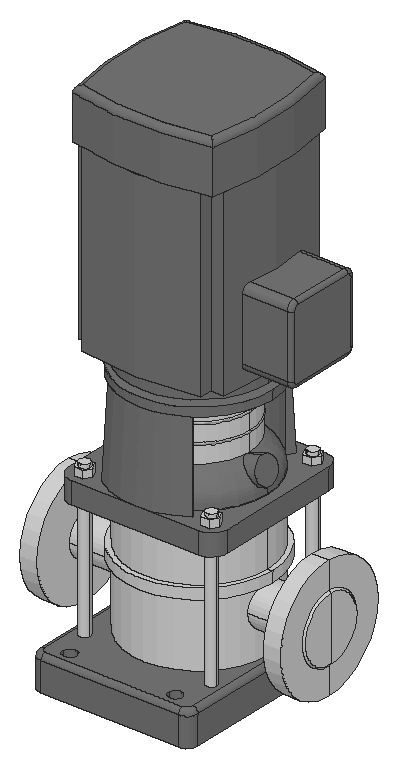
Revit family "TESK_Насос вертикальный_SVM(T)-3", category Оборудование, Revit 2019
Family settings
  Размер круглого соединителя = Использовать диаметр
  Классификация = Насос
  Тип детали = Вставляется
  На основе рабочей плоскости = Нет
  Всегда вертикально = Да
  При загрузке вырезать с полостями = Нет
  Общий = Нет
  Точка расчета площади = Нет
Parameters (values of type "Загрузите каталог типоразмеров TXT")
  Таблица_Поиска = "TESK_SVM(T)-3"  # constant formula
  Производитель_Контакты = "info@teskpump.ru"
  Напор максимальный = 0
  Материал_КорпусУлитка = TESK_Нержавеющая сталь
  Материал_КорпусДвигателя = TESK_Черный_Ребра_Условный
  Материал_2 = TESK_Нержавеющая сталь
  Материал_1 = TESK_Черный_Условный
  Длина_ВспомЛиния = 30 mm  # constant formula
  Высота_Перехода = size_lookup(Таблица_Поиска, "A5", 90 mm, ADSK_Марка)  # 90 mm
  Высота_Корпуса = size_lookup(Таблица_Поиска, "A1", 258 mm, ADSK_Марка)  # 258 mm
  Watermark [instance] = "Модели защищены уникальным кодом"
  URL = "www.teskpump.ru"
  ADSK_Свободный напор жидкости [instance] = 0.0 Pa
  ADSK_Расход жидкости [instance] = 0.0 L/s
  ADSK_Полная мощность = ADSK_Номинальная мощность * ADSK_Коэффициент мощности  # 0 kVA
  ADSK_Номинальная мощность = size_lookup(Таблица_Поиска, "Pow", 0 kW, ADSK_Марка)  # 0 kW
  ADSK_Напряжение = 400 V
  ADSK_Наименование краткое = "Вертикальный многоступенчатый центробежный насос"  # constant formula
  ADSK_Наименование = size_lookup(Таблица_Поиска, "Name", "Не найдено: Насос TESK SVM(T)-3", ADSK_Марка)  # "Не найдено: Насос TESK SVM(T)-3"
  ADSK_Масса_Текст = size_lookup(Таблица_Поиска, "mass_t", "Не найдено: Насос TESK SVM(T)-3", ADSK_Марка)  # "Не найдено: Насос TESK SVM(T)-3"
  ADSK_Масса = size_lookup(Таблица_Поиска, "mass", 0, ADSK_Марка)  # 0
  ADSK_Марка = "Загрузите каталог типоразмеров TXT"
  ADSK_Коэффициент мощности = 1
  ADSK_Количество фаз числовое = ADSK_Количество фаз  # 3
  ADSK_Количество фаз = if(ADSK_Напряжение = 230 V, 1, 3)  # 3
  ADSK_Количество = 1  # constant formula
  ADSK_Код изделия = size_lookup(Таблица_Поиска, "code", "Не найдено: Насос TESK SVM(T)-3", ADSK_Марка)  # "Не найдено: Насос TESK SVM(T)-3"
  ADSK_Классификация нагрузок = Прочее
  ADSK_Завод-изготовитель = "TESK"  # constant formula
  ADSK_Единица измерения = "шт."  # constant formula
  ADSK_Диаметр условный = 25 mm  # constant formula
  ADSK_Версия семейства = "1.0"  # constant formula
  ADSK_Версия Revit = "2019"  # constant formula
  Фланец_Толщина = 18 mm  # constant formula
  УГО_Длина = 250 mm  # constant formula
  Двигатель_Ширина = size_lookup(Таблица_Поиска, "A3", 148 mm, ADSK_Марка)  # 148 mm
  Двигатель_ОтступКоробки = size_lookup(Таблица_Поиска, "A4", 117 mm, ADSK_Марка)  # 117 mm
  Двигатель_Высота = size_lookup(Таблица_Поиска, "A2", 239 mm, ADSK_Марка)  # 239 mm
Reference planes
  plane 1 "По центру (Вперед/Назад)": y = 0
  plane 2: z = 0
  plane 3 "По центру (Влево/Вправо)": x = 0
  plane 4: x = -125
  plane 5: x = 125
  plane 6: x = -107
  plane 7: x = 107
  plane 8: z = -75
  plane 9: z = 183
  plane 10: z = -43
  plane 11: x = -65
  plane 12: z = 20
  plane 13: z = 30
  plane 14: z = 93
  plane 15: x = -40
  plane 16: z = 93
  plane 17: z = 73
  plane 18: x = -75
  plane 19: y = 75
  plane 20: x = 75
  plane 21: y = -75
  plane 22: z = 125.94
  plane 23: z = 175
  plane 24: z = 123
  plane 25: x = -46
  plane 26: x = -48
  plane 27: z = 140.333
  plane 28: z = 157.667
  plane 29: z = 158.667
  plane 30: z = 156.667
  plane 31: z = 141.333
  plane 32: z = 139.333
  plane 33: z = 170
  plane 34: x = -67
  plane 35: x = -75
  plane 36: x = -70
  plane 37: x = 67
  plane 38: x = 75
  plane 39: x = 70
  plane 40: x = -60
  plane 41: x = 60
  plane 42: y = -60
  plane 43: y = 60
  plane 44: z = 103
  plane 45: x = -75
  plane 46: x = 75
  plane 47: y = 105
  plane 48: y = -105
  plane 49: z = -48
  plane 50: x = -70
  plane 51: x = -75
  plane 52: x = -50
  plane 53: x = 50
  plane 54: y = -90
  plane 55: y = 90
  plane 56: z = 20
  plane 57: z = 30
  plane 58: x = -65
  plane 59: x = -70
  plane 60: x = -60
  plane 61: x = 60
  plane 62: y = 60
  plane 63: y = -60
  plane 64: z = 30
  plane 65: z = 105
  plane 66: x = 35
Forms (mm)
  Extrusion 1, solid, material "TESK_Нержавеющая сталь" <- "Материал_КорпусУлитка", detail levels fine
    sketch origin (0, 0, 0) x (0, 1, 0) y (0, 0, 1)
      loop
        circle (0, 0) r 20
    from -107 to 107
  Revolve 2, solid, material "TESK_Черный_Условный" <- "Материал_1", detail levels fine
    sketch origin (0, 0, 0) x (1, 0, 0) y (0, 0, 1)
      loop
        line (0, 175) -> (-40, 175) -> (-40, 125.94)
        spline (-40, 125.94) -> (-41.244, 122.444) -> (-44.01, 120.899) -> (-47.266, 119.354) -> (-50.371, 117.694) -> (-53.074, 115.884) -> (-55.632, 113.744) -> (-58.115, 111.259) -> (-60.275, 108.663) -> (-62.008, 106.179) -> (-63.365, 103.735) -> (-64.459, 99.975) -> (-65, 93)
        line (-65, 93) -> (-65, 73) -> (0, 73) -> (0, 175)
      axis (0, 73) -> (0, 175)
    angle from 0 to 360
  Extrusion 3, solid, material "TESK_Черный_Условный" <- "Материал_1", detail levels fine
    sketch origin (0, 0, 0) x (1, 0, 0) y (0, 1, 0)
      loop
        line (-75, 60) -> (-75, -60)
        arc (-75, -60) -> (-70.607, -70.607) -> (-60, -75) r 15
        line (-60, -75) -> (60, -75)
        arc (60, -75) -> (70.607, -70.607) -> (75, -60) r 15
        line (75, -60) -> (75, 60)
        arc (75, 60) -> (70.607, 70.607) -> (60, 75) r 15
        line (60, 75) -> (-60, 75)
        arc (-60, 75) -> (-70.607, 70.607) -> (-75, 60) r 15
    from 73 to 93
  Revolve 4, solid, material "TESK_Нержавеющая сталь" <- "Материал_2", detail levels fine
    sketch origin (0, 0, 0) x (1, 0, 0) y (0, 0, 1)
      loop
        line (-48, 170) -> (-48, 158.667)
        arc (-48, 158.667) -> (-49, 157.667) -> (-48, 156.667) r 1
        line (-48, 156.667) -> (-48, 141.333)
        arc (-48, 141.333) -> (-49, 140.333) -> (-48, 139.333) r 1
        line (-48, 139.333) -> (-48, 123) -> (-46, 123) -> (-46, 170) -> (-48, 170)
      axis (0, 123) -> (0, 170)
    angle from 0 to 360
  Extrusion 5, solid, material "TESK_Черный_Условный" <- "Материал_1", detail levels fine
    sketch origin (0, 0, 0) x (1, 0, 0) y (0, 1, 0)
      loop
        circle (0, 0) r 70
    from 175 to 183
  Revolve 6, solid, material "TESK_Черный_Условный" <- "Материал_1", detail levels fine
    sketch origin (0, 0, 0) x (1, 0, 0) y (0, 0, 1)
      loop
        line (-70, 175) -> (-75, 93) -> (-67, 93) -> (-67, 175) -> (-70, 175)
      axis (0, 93) -> (0, 175)
    angle from 125 to 55
  Revolve 7, solid, material "TESK_Черный_Условный" <- "Материал_1", detail levels fine
    sketch origin (0, 0, 0) x (-1, 0, 0) y (0, 0, 1)
      loop
        line (-70, 175) -> (-75, 93) -> (-67, 93) -> (-67, 175) -> (-70, 175)
      axis (0, 93) -> (0, 175)
    angle from -125 to -55
  Extrusion 8, solid, material "TESK_Нержавеющая сталь" <- "Материал_2", detail levels fine
    sketch origin (0, 0, 0) x (1, 0, 0) y (0, 1, 0)
      loop
        circle (-60, 60) r 5
      loop
        circle (60, 60) r 5
      loop
        circle (-60, -60) r 5
      loop
        circle (60, -60) r 5
    from -43 to 103
  Extrusion 9, solid, material "TESK_Черный_Условный" <- "Материал_1", detail levels fine
    sketch origin (0, 0, 0) x (1, 0, 0) y (0, 1, 0)
      loop
        arc (-65, 105) -> (-72.071, 102.071) -> (-75, 95) r 10
        line (-75, 95) -> (-75, -95)
        arc (-75, -95) -> (-72.071, -102.071) -> (-65, -105) r 10
        line (-65, -105) -> (65, -105)
        arc (65, -105) -> (72.071, -102.071) -> (75, -95) r 10
        line (75, -95) -> (75, 95)
        arc (75, 95) -> (72.071, 102.071) -> (65, 105) r 10
        line (65, 105) -> (-65, 105)
    from -75 to -43
  Sweep 10, void
    path in 3D
      loop
        arc (-75, -95, -43) -> (-72.071, -102.071, -43) -> (-65, -105, -43) r 10
        line (-65, -105, -43) -> (65, -105, -43)
        arc (65, -105, -43) -> (72.071, -102.071, -43) -> (75, -95, -43) r 10
        line (75, -95, -43) -> (75, 95, -43)
        arc (75, 95, -43) -> (72.071, 102.071, -43) -> (65, 105, -43) r 10
        line (65, 105, -43) -> (-65, 105, -43)
        arc (-65, 105, -43) -> (-72.071, 102.071, -43) -> (-75, 95, -43) r 10
        line (-75, 95, -43) -> (-75, -95, -43)
    profile origin (-75, 0, -43) x (1, 0, 0) y (0, 0, 1)
      loop
        arc (0, -5) -> (1.464, -1.464) -> (5, 0) r 5
        line (5, 0) -> (0, 0) -> (0, -5)
  Extrusion 11, void
    sketch origin (0, 0, 0) x (1, 0, 0) y (0, 1, 0)
      loop
        circle (-50, 90) r 6.5
      loop
        circle (50, 90) r 6.5
      loop
        circle (-50, -90) r 6.5
      loop
        circle (50, -90) r 6.5
    from -75 to -43
  Revolve 12, solid, material "TESK_Нержавеющая сталь" <- "Материал_КорпусУлитка", detail levels fine
    sketch origin (0, 0, 0) x (1, 0, 0) y (0, 0, 1)
      loop
        line (-65, -43) -> (0, -43) -> (0, 30) -> (-70, 30) -> (-70, 20) -> (-65, 20) -> (-65, -43)
      axis (0, -43) -> (0, 30)
    angle from 0 to 360
  Extrusion 13, solid, material "TESK_Нержавеющая сталь" <- "Материал_2", detail levels fine
    sketch origin (0, 0, 0) x (1, 0, 0) y (0, 1, 0)
      loop
        circle (0, 0) r 65
    from 30 to 73
  Sweep 14, solid, material "TESK_Черный_Условный" <- "Материал_1", detail levels fine
    path in 3D
      loop
        line (35, 0, 105) -> (63.978, 0, 112.765)
    profile origin (49.489, 0, 108.882) x (-0.258819, 0, 0.965926) y (0, -1, 0)
      loop
        circle (0, 0) r 12.65
Cuts and joins
  Sweep 10, Extrusion 11 cuts Extrusion 9
Lines and regions (mm)
  sketch lines
    curve 1: line (-75, 95, -43) -> (-75, -95, -43)
    curve 2: arc (-65, -105, -43) -> (-72.071, -102.071, -43) -> (-75, -95, -43) r 10
    curve 3: line (-65, -105, -43) -> (65, -105, -43)
    curve 4: arc (75, -95, -43) -> (72.071, -102.071, -43) -> (65, -105, -43) r 10
    curve 5: line (75, -95, -43) -> (75, 95, -43)
    curve 6: arc (65, 105, -43) -> (72.071, 102.071, -43) -> (75, 95, -43) r 10
    curve 7: line (65, 105, -43) -> (-65, 105, -43)
    curve 8: arc (-75, 95, -43) -> (-72.071, 102.071, -43) -> (-65, 105, -43) r 10
    curve 10: line (35, 0, 105) -> (63.978, 0, 112.765)
  reference lines
    curve 9: line (35, 0, 105) -> (63.978, 0, 112.765)
Dimensions and locks
  locked: plane 3 "По центру (Влево/Вправо)" to plane 4 at 125
  locked: plane 5 to plane 3 "По центру (Влево/Вправо)" at 125
  "Фланец_Толщина": plane 6 to plane 4
  "Фланец_Толщина": plane 5 to plane 7
  locked: plane 2 to plane 8 at 75
  "Высота_Корпуса": plane 9 to plane 8
  locked: plane 10 to plane 8 at 32
  locked: plane 3 "По центру (Влево/Вправо)" to plane 11 at 65
  locked: plane 12 to level at 20
  locked: plane 13 to plane 12 at 10
  "Высота_Перехода": plane 9 to plane 14
  locked: plane 3 "По центру (Влево/Вправо)" to plane 15 at 40
  "Высота_Перехода": plane 9 to plane 16
  locked: plane 16 to plane 17 at 20
  equal spacing: plane 18, plane 3 "По центру (Влево/Вправо)", plane 20
  equal spacing: plane 19, plane 1 "По центру (Вперед/Назад)", plane 21
  locked: plane 21 to plane 1 "По центру (Вперед/Назад)" at 75
  locked: plane 18 to plane 3 "По центру (Влево/Вправо)" at 75
  locked: plane 22 to plane 14 at 32.94
  locked: plane 24 to plane 16 at 30
  locked: plane 9 to plane 23 at 8
  locked: plane 3 "По центру (Влево/Вправо)" to plane 25 at 46
  locked: plane 3 "По центру (Влево/Вправо)" to plane 26 at 48
  equal spacing: plane 23, plane 28, plane 27, plane 24
  plane 29 to plane 28 to plane 30 = 1 mm locked, 1 mm locked
  plane 31 to plane 27 to plane 32 = 1 mm locked, 1 mm locked
  locked: plane 23 to plane 33 at 5
  locked: plane 3 "По центру (Влево/Вправо)" to plane 34 at 67
  locked: plane 35 to plane 3 "По центру (Влево/Вправо)" at 75
  locked: plane 3 "По центру (Влево/Вправо)" to plane 36 at 70
  locked: plane 37 to plane 3 "По центру (Влево/Вправо)" at 67
  locked: plane 39 to plane 3 "По центру (Влево/Вправо)" at 70
  locked: plane 38 to plane 3 "По центру (Влево/Вправо)" at 75
  equal spacing: plane 40, plane 3 "По центру (Влево/Вправо)", plane 41
  locked: plane 40 to plane 3 "По центру (Влево/Вправо)" at 60
  equal spacing: plane 43, plane 1 "По центру (Вперед/Назад)", plane 42
  locked: plane 43 to plane 1 "По центру (Вперед/Назад)" at 60
  locked: plane 44 to plane 16 at 10
  equal spacing: plane 45, plane 3 "По центру (Влево/Вправо)", plane 46
  locked: plane 45 to plane 3 "По центру (Влево/Вправо)" at 75
  equal spacing: plane 47, plane 1 "По центру (Вперед/Назад)", plane 48
  plane 47 to plane 1 "По центру (Вперед/Назад)" = 105 mm
  locked: plane 51 to plane 3 "По центру (Влево/Вправо)" at 75
  locked: plane 51 to plane 50 at 5
  locked: plane 10 to plane 49 at 5
  equal spacing: plane 52, plane 3 "По центру (Влево/Вправо)", plane 53
  locked: plane 52 to plane 3 "По центру (Влево/Вправо)" at 50
  equal spacing: plane 55, plane 1 "По центру (Вперед/Назад)", plane 54
  locked: plane 55 to plane 1 "По центру (Вперед/Назад)" at 90
  locked: plane 3 "По центру (Влево/Вправо)" to plane 58 at 65
  locked: plane 58 to plane 59 at 5
  locked: plane 56 to plane 2 at 20
  locked: plane 57 to plane 56 at 10
  equal spacing: plane 62, plane 1 "По центру (Вперед/Назад)", plane 63
  locked: plane 62 to plane 1 "По центру (Вперед/Назад)" at 60
  equal spacing: plane 60, plane 3 "По центру (Влево/Вправо)", plane 61
  locked: plane 3 "По центру (Влево/Вправо)" to plane 61 at 60
  locked: plane 64 to plane 2 at 30
  locked: plane 65 to plane 16 at 12
  locked: plane 66 to plane 3 "По центру (Влево/Вправо)" at 35
  "Длина_ВспомЛиния": curve 9 to curve 9
  diameter of Extrusion 1 sketch curve = 40 mm
  radius of Extrusion 3 sketch curve = 15 mm  (x4)
  radius of Revolve 4 sketch curve = 1 mm  (x2)
  diameter of Extrusion 5 sketch curve = 140 mm
  diameter of Extrusion 8 sketch curve = 10 mm  (x4)
  radius of Extrusion 9 sketch curve = 10 mm  (x4)
  radius of Sweep 10 sketch curve = 5 mm
  diameter of Extrusion 11 sketch curve = 13 mm  (x4)
  diameter of Extrusion 13 sketch curve = 130 mm
  diameter of Sweep 14 sketch curve = 25.3 mm
  locked: plane 65 to curve 9 (angle 15.00°)
  aligned and locked: level to plane 2
  aligned and locked: plane 1 "По центру (Вперед/Назад)" to nested 1
  aligned and locked: nested 2 to plane 1 "По центру (Вперед/Назад)"
  aligned and locked: plane 4 to nested 1
  aligned and locked: nested 2 to plane 5
  aligned and locked: Extrusion 1 to plane 6
  aligned and locked: plane 7 to Extrusion 1
  aligned and locked: plane 9 to nested 3
  aligned and locked: plane 3 "По центру (Влево/Вправо)" to Revolve 2 sketch curve
  aligned and locked: Revolve 2 sketch curve to plane 3 "По центру (Влево/Вправо)"
  aligned and locked: Revolve 2 sketch curve to plane 11
  aligned and locked: plane 14 to Revolve 2 sketch curve
  aligned and locked: Revolve 2 sketch curve to plane 15
  aligned and locked: Extrusion 3 sketch curve to plane 18
  aligned and locked: Extrusion 3 sketch curve to plane 19
  aligned and locked: Extrusion 3 sketch curve to plane 20
  aligned and locked: Extrusion 3 sketch curve to plane 21
  aligned and locked: plane 16 to Extrusion 3
  aligned and locked: Extrusion 3 to plane 17
  aligned and locked: plane 22 to Revolve 2 sketch curve
  aligned and locked: plane 3 "По центру (Влево/Вправо)" to Revolve 4 sketch curve
  aligned and locked: Revolve 4 sketch curve to plane 26  (x3)
  aligned and locked: Revolve 4 sketch curve to plane 24
  aligned and locked: Revolve 4 sketch curve to plane 25
  aligned and locked: Revolve 4 sketch curve to plane 33
  aligned and locked: Extrusion 5 to plane 23
  aligned and locked: plane 9 to Extrusion 5
  aligned and locked: plane 3 "По центру (Влево/Вправо)" to Revolve 6 sketch curve
  aligned and locked: Revolve 6 sketch curve to plane 34
  aligned and locked: plane 16 to Revolve 6 sketch curve
  aligned and locked: Revolve 6 sketch curve to plane 23
  aligned and locked: plane 35 to Revolve 6 sketch curve
  aligned and locked: plane 37 to Revolve 7 sketch curve
  aligned and locked: Revolve 7 sketch curve to plane 16
  aligned and locked: plane 23 to Revolve 7 sketch curve
  aligned and locked: plane 43 to Extrusion 8 sketch curve  (x2)
  aligned and locked: plane 40 to Extrusion 8 sketch curve  (x2)
  aligned and locked: plane 41 to Extrusion 8 sketch curve  (x2)
  aligned and locked: plane 42 to Extrusion 8 sketch curve  (x2)
  aligned and locked: Extrusion 8 to plane 10
  aligned and locked: plane 44 to Extrusion 8
  aligned and locked: Extrusion 9 sketch curve to plane 47
  aligned and locked: Extrusion 9 sketch curve to plane 45
  aligned and locked: Extrusion 9 sketch curve to plane 46
  aligned and locked: Extrusion 9 sketch curve to plane 48
  aligned and locked: plane 8 to Extrusion 9
  aligned and locked: plane 10 to Extrusion 9
  aligned and locked: Sweep 10 sketch curve to plane 51
  aligned and locked: profile plane to Sweep 10 sketch curve
  aligned and locked: Revolve 2 sketch curve to plane 23
  aligned and locked: nested 4 to plane 1 "По центру (Вперед/Назад)"
  aligned and locked: nested 4 to plane 3 "По центру (Влево/Вправо)"
  aligned and locked: nested 5 to plane 3 "По центру (Влево/Вправо)"
  aligned and locked: nested 5 to plane 1 "По центру (Вперед/Назад)"
  aligned and locked: plane 2 to nested 5
  aligned and locked: plane 52 to Extrusion 11 sketch curve  (x2)
  aligned and locked: plane 54 to Extrusion 11 sketch curve
  aligned and locked: plane 53 to Extrusion 11 sketch curve  (x2)
  aligned and locked: plane 55 to Extrusion 11 sketch curve  (x2)
  aligned and locked: plane 10 to Extrusion 11
  aligned and locked: Extrusion 11 to plane 8
  aligned and locked: plane 3 "По центру (Влево/Вправо)" to Revolve 12 sketch curve
  aligned and locked: Revolve 12 sketch curve to plane 10
  aligned and locked: Revolve 12 sketch curve to plane 58
  aligned and locked: Revolve 12 sketch curve to plane 56
  aligned and locked: Revolve 12 sketch curve to plane 59
  aligned and locked: Revolve 12 sketch curve to plane 57
  aligned and locked: Revolve 12 sketch curve to plane 3 "По центру (Влево/Вправо)"
  aligned and locked: plane 3 "По центру (Влево/Вправо)" to nested 3
  aligned and locked: plane 1 "По центру (Вперед/Назад)" to nested 3
  aligned and locked: nested 6 to plane 62
  aligned and locked: plane 61 to nested 6
  aligned and locked: plane 62 to nested 7
  aligned and locked: plane 60 to nested 7
  aligned and locked: plane 63 to nested 9
  aligned and locked: nested 9 to plane 60
  aligned and locked: nested 8 to plane 63
  aligned and locked: nested 8 to plane 61
  aligned and locked: plane 16 to nested 8
  aligned and locked: nested 6 to plane 16
  aligned and locked: nested 9 to plane 16
  aligned and locked: plane 16 to nested 7
  aligned and locked: Revolve 2 sketch curve to plane 17
  aligned and locked: plane 1 "По центру (Вперед/Назад)" to Extrusion 13 sketch curve
  aligned and locked: plane 3 "По центру (Влево/Вправо)" to Extrusion 13 sketch curve
  aligned and locked: plane 17 to Extrusion 13
  aligned and locked: Extrusion 13 to plane 64
  aligned and locked: plane 36 to Revolve 6 sketch curve
  aligned and locked: plane 38 to Revolve 7 sketch curve
  aligned and locked: plane 65 to curve 9
  aligned and locked: plane 66 to curve 9
Automatic sketch dimensions
  Extrusion 1 sketch curve to level = 0 mm
  Extrusion 1 sketch curve to plane 1 "По центру (Вперед/Назад)" = 0 mm
  Revolve 4 sketch curve to plane 32 = 0 mm
  Revolve 4 sketch curve to plane 30 = 0 mm
  Revolve 4 sketch curve to plane 24 = 10 mm
  Revolve 4 sketch curve to Revolve 4 sketch curve = 10 mm
  plane 1 "По центру (Вперед/Назад)" to Extrusion 5 sketch curve = 0 mm
  Extrusion 5 sketch curve to plane 3 "По центру (Влево/Вправо)" = 0 mm
  Sweep 10 sketch curve to plane 49 = 0 mm  (x2)
  Sweep 10 sketch curve to Sweep 10 sketch curve = 0 mm
  Sweep 10 sketch curve to plane 50 = 0 mm
  Extrusion 11 sketch curve to plane 54 = 0 mm
  Revolve 12 sketch curve to plane 17 = 30 mm
  Revolve 12 sketch curve to plane 17 = 10 mm
  Revolve 6 sketch curve to plane 44 = 0 mm
  Revolve 6 sketch curve to plane 24 = 7.057 mm
  plane 39 to Revolve 7 sketch curve = 0 mm
  Revolve 7 sketch curve to plane 3 "По центру (Влево/Вправо)" = 0 mm
  Revolve 7 sketch curve to plane 44 = 0 mm
  plane 24 to Revolve 7 sketch curve = 7.057 mm
  Sweep 14 sketch curve to profile plane = 0 mm
  profile plane to Sweep 14 sketch curve = 0 mm
  Revolve 2 sketch curve to Revolve 2 sketch curve = 8 mm
  plane 17 to Revolve 2 sketch curve = 2 mm
Nested families
  nested 1: "Фланец_Круглый" at (-107, 0, 0), Толщина_Фланца <- "Фланец_Толщина", ADSK_Материал <- "Материал_КорпусУлитка", type "Фланец_Круглый", detail levels fine
    with Толщина_Фланца 18 mm, Толщина_Зеркала 2 mm, Dнар_Фланца 115 mm, D_Зеркала 60 mm, ADSK_Материал TESK_Нержавеющая сталь
  nested 2: "Фланец_Круглый" at (107, 0, 0) x (-1, 0, 0) z (0, 0, 1), Толщина_Фланца <- "Фланец_Толщина", ADSK_Материал <- "Материал_КорпусУлитка", type "Фланец_Круглый", detail levels fine
    with Толщина_Фланца 18 mm, Толщина_Зеркала 2 mm, Dнар_Фланца 115 mm, D_Зеркала 60 mm, ADSK_Материал TESK_Нержавеющая сталь
  nested 3: "Электродвигатель" at (0, 0, 183), Высота_Двигателя <- "Двигатель_Высота", Отступ_Коробка <- "Двигатель_ОтступКоробки", Ширина_Двигателя <- "Двигатель_Ширина", ADSK_Материал <- "Материал_1", Материал_Корпуса <- "Материал_КорпусДвигателя", type "Электродвигатель", detail levels fine
    with Ширина_Коробки 74 mm, Ширина_Двигателя 148 mm, Отступ_Коробка 117 mm, Материал_Корпуса TESK_Черный_Ребра_Условный, Высота_Двигателя 239 mm, r_Крышка 5.92 mm, r_Коробка 7.4 mm, r2_Коробка 3.7 mm, r2 66.6 mm, r1 54.76 mm, h4 11.95 mm, h3 47.8 mm, h2 14.34 mm, h1 4.78 mm, a 17.76 mm, R 281.2 mm, ADSK_Материал TESK_Черный_Условный
  nested 4: "Вл_УГО_Насос_2D" at (0, 0, 0) x (-1, 0, 0) z (0, 0, 1), L_УГО <- "УГО_Длина", type "Вл_УГО_Насос_2D", detail levels coarse+medium
    with L_УГО 250 mm
  nested 5: "Вл_УГО_Насос_3D" at (0, 0, 0) x (-1, 0, 0) z (0, -1, 0), L_УГО <- "УГО_Длина", type "Вл_УГО_Насос_3D", detail levels coarse+medium
    with L_УГО 250 mm
  nested 6: "Гайка_Условная" at (60, 60, 93), Материал1 <- "Материал_2", type "Гайка_Условная", detail levels fine
    with Толщина_Гайка 7 mm, Материал1 TESK_Нержавеющая сталь, S_Гайка 14 mm, D_Вн 10 mm
  nested 7: "Гайка_Условная" at (-60, 60, 93) x (-1, 0, 0) z (0, 0, 1), Материал1 <- "Материал_2", type "Гайка_Условная", detail levels fine
    with Толщина_Гайка 7 mm, Материал1 TESK_Нержавеющая сталь, S_Гайка 14 mm, D_Вн 10 mm
  nested 8: "Гайка_Условная" at (60, -60, 93), Материал1 <- "Материал_2", type "Гайка_Условная", detail levels fine
    with Толщина_Гайка 7 mm, Материал1 TESK_Нержавеющая сталь, S_Гайка 14 mm, D_Вн 10 mm
  nested 9: "Гайка_Условная" at (-60, -60, 93) x (-1, 0, 0) z (0, 0, 1), Материал1 <- "Материал_2", type "Гайка_Условная", detail levels fine
    with Толщина_Гайка 7 mm, Материал1 TESK_Нержавеющая сталь, S_Гайка 14 mm, D_Вн 10 mm
Connectors
  electrical at (0, 0, 374.2), driven by "ADSK_Количество фаз", driven by "ADSK_Классификация нагрузок", driven by "ADSK_Напряжение", driven by "ADSK_Полная мощность", driven by "ADSK_Коэффициент мощности"
    settings: on nested 3, index 1, voltage 400 V, apparent load 0 kVA, apparent load phase1 0 kVA, apparent load phase2 0 kVA, apparent load phase3 0 kVA, power factor 1, load classification "Прочее", number of poles 3, system type 30, power factor state 1, is connector primary yes, connector utility no, sub classification motor no, connector description ""
  piping at (125, 0, 0), diameter 25, driven by "ADSK_Расход жидкости", driven by "ADSK_Диаметр условный"
    settings: on nested 2, index 2, connector inside diameter 609.6 mm, connector length 0 mm, flow factor 0, pipe flow 0.0 L/s, pressure drop 0.0 Pa, fitting loss kfactor 0, connector angle 0.00°, fixture units 0, engagement length 0 mm, angle of deflection 0.00°, flow configuration 0, flow direction 2, fitting loss method 0, system type 29, joint type 0, gender type 0, connector reference index 3, connector utility 0, adjustable connector no, is connector primary yes, connector description ""
  piping at (-125, 0, 0), diameter 25, driven by "ADSK_Расход жидкости", driven by "ADSK_Диаметр условный"
    settings: on nested 1, index 3, connector inside diameter 609.6 mm, connector length 0 mm, flow factor 0, pipe flow 0.0 L/s, pressure drop 0.0 Pa, fitting loss kfactor 0, connector angle 0.00°, fixture units 0, engagement length 0 mm, angle of deflection 0.00°, flow configuration 0, flow direction 1, fitting loss method 0, system type 29, joint type 0, gender type 0, connector reference index 2, connector utility 0, adjustable connector no, is connector primary no, connector description ""
Definition of nested family "Фланец_Круглый"
  Parameters (values of type "Фланец_Круглый")
    Толщина_Фланца [instance] = 30 mm
    Толщина_Зеркала [instance] = 2 mm
    Dнар_Фланца [instance] = 200 mm
    D_Зеркала [instance] = 90 mm
    ADSK_Материал [instance] = none
  Reference planes
    plane 1 "По центру (Вперед/Назад)": y = 0
    plane 2: z = 0
    plane 3 "По центру (Влево/Вправо)": x = 0
    plane 4: z = 100
    plane 5: z = -100
    plane 6: x = -30
    plane 7: x = -28
    plane 8: z = 45
    plane 9: z = -45
  Forms (mm)
    Revolve 1, solid, material <- "ADSK_Материал"
      sketch origin (0, 0, 0) x (1, 0, 0) y (0, 0, 1)
        loop
          line (0, 100) -> (-28, 100) -> (-28, 0) -> (0, 0) -> (0, 100)
        axis (-28, 0) -> (0, 0)
      angle from 0 to 360
    Revolve 2, solid, material <- "ADSK_Материал"
      sketch origin (0, 0, 0) x (1, 0, 0) y (0, 0, 1)
        loop
          line (-28, 47) -> (-30, 45) -> (-30, 0) -> (-28, 0) -> (-28, 47)
        axis (-30, 0) -> (-28, 0)
      angle from 0 to 360
  Cuts and joins
    joined: Revolve 1, Revolve 2
  Dimensions and locks
    equal spacing: plane 4, plane 2, plane 5
    "Dнар_Фланца": plane 4 to plane 5
    "Толщина_Фланца": plane 3 "По центру (Влево/Вправо)" to plane 6
    "Толщина_Зеркала": plane 7 to plane 6
    equal spacing: plane 8, plane 2, plane 9
    "D_Зеркала": plane 8 to plane 9
    locked: Revolve 2 sketch curve to plane 6 (angle 45.00°)
    aligned and locked: level to plane 2
    aligned and locked: Revolve 1 sketch curve to plane 2  (x2)
    aligned and locked: Revolve 1 sketch curve to plane 3 "По центру (Влево/Вправо)"
    aligned and locked: Revolve 1 sketch curve to plane 7
    aligned and locked: Revolve 1 sketch curve to plane 4
    aligned and locked: Revolve 2 sketch curve to plane 2  (x2)
    aligned and locked: Revolve 2 sketch curve to plane 7
    aligned and locked: Revolve 2 sketch curve to plane 6
    aligned and locked: plane 8 to Revolve 2 sketch curve
  Automatic sketch dimensions
    plane 7 to Revolve 1 sketch curve = 5 mm
    Revolve 1 sketch curve to plane 3 "По центру (Влево/Вправо)" = 2 mm
    plane 7 to Revolve 2 sketch curve = 12.352 mm
    Revolve 2 sketch curve to plane 3 "По центру (Влево/Вправо)" = 5.648 mm
Definition of nested family "Электродвигатель"
  Parameters (values of type "Электродвигатель")
    Ширина_Коробки [instance] = Ширина_Двигателя * 0.5  # 74 mm
    Ширина_Двигателя [instance] = 148 mm
    Отступ_Коробка [instance] = 117 mm
    Материал_Корпуса [instance] = none
    Высота_Двигателя [instance] = 239 mm
    r_Крышка [instance] = Ширина_Двигателя * 0.04  # 5.92 mm
    r_Коробка [instance] = Ширина_Коробки * 0.1  # 7.4 mm
    r2_Коробка [instance] = Ширина_Коробки * 0.05  # 3.7 mm
    r2 [instance] = Ширина_Двигателя * 0.45  # 66.6 mm
    r1 [instance] = Ширина_Двигателя * 0.37  # 54.76 mm
    h4 [instance] = Высота_Двигателя * 0.05  # 11.95 mm
    h3 [instance] = Высота_Двигателя * 0.2  # 47.8 mm
    h2 [instance] = Высота_Двигателя * 0.06  # 14.34 mm
    h1 [instance] = Высота_Двигателя * 0.02  # 4.78 mm
    a [instance] = Ширина_Двигателя * 0.12  # 17.76 mm
    R [instance] = Ширина_Двигателя * 1.9  # 281.2 mm
    ADSK_Материал [instance] = none
  Reference planes
    plane 1 "По центру (Вперед/Назад)": y = 0
    plane 2: z = 0
    plane 3 "По центру (Влево/Вправо)": x = 0
    plane 4: z = 239
    plane 5: x = -74
    plane 6: x = 74
    plane 7: x = 117
    plane 8: y = 74
    plane 9: y = -74
    plane 10: z = 4.78
    plane 11: z = 19.12
    plane 12: z = 191.2
    plane 13: x = -56.24
    plane 14: y = -56.24
    plane 15: y = 56.24
    plane 16: x = -56.24
    plane 17: x = 56.24
    plane 18: y = 56.24
    plane 19: x = 56.24
    plane 20: y = -56.24
    plane 21: x = -66.6
    plane 22: x = -54.76
    plane 23: x = 207.2
    plane 24: x = -207.2
    plane 25: y = -207.2
    plane 26: y = 207.2
    plane 27: x = 207.2
    plane 28: y = -207.2
    plane 29: x = -207.2
    plane 30: y = 207.2
    plane 31: y = 68.08
    plane 32: z = 233.08
    plane 33: z = 31.07
    plane 34: z = 105.07
    plane 35: y = -37
    plane 36: y = 37
    plane 37: x = 113.3
    plane 38: z = 101.37
  Forms (mm)
    Extrusion 1, solid, material <- "Материал_Корпуса"
      sketch origin (0, 0, 0) x (1, 0, 0) y (0, 1, 0)
        loop
          arc (-68.319, 56.24) -> (-74, 0) -> (-68.319, -56.24) r 281.2
          line (-68.319, -56.24) -> (-56.24, -56.24) -> (-56.24, -68.319)
          arc (-56.24, -68.319) -> (0, -74) -> (56.24, -68.319) r 281.2
          line (56.24, -68.319) -> (56.24, -56.24) -> (68.319, -56.24)
          arc (68.319, -56.24) -> (74, 0) -> (68.319, 56.24) r 281.2
          line (68.319, 56.24) -> (56.24, 56.24) -> (56.24, 68.319)
          arc (56.24, 68.319) -> (0, 74) -> (-56.24, 68.319) r 281.2
          line (-56.24, 68.319) -> (-56.24, 56.24) -> (-68.319, 56.24)
      from 19.12 to 191.2
    Revolve 2, solid, material <- "ADSK_Материал"
      sketch origin (0, 0, 0) x (1, 0, 0) y (0, 0, 1)
        loop
          line (-66.6, 19.12) -> (-66.6, 4.78) -> (-54.76, 4.78) -> (-54.76, 0) -> (0, 0) -> (0, 19.12) -> (-66.6, 19.12)
        axis (0, 0) -> (0, 19.12)
      angle from 0 to 360
    Extrusion 3, solid, material <- "ADSK_Материал"
      sketch origin (0, 0, 0) x (1, 0, 0) y (0, 1, 0)
        loop
          arc (-66.117, 66.117) -> (-74, 0) -> (-66.117, -66.117) r 281.2
          arc (-66.117, -66.117) -> (0, -74) -> (66.117, -66.117) r 281.2
          arc (66.117, -66.117) -> (74, 0) -> (66.117, 66.117) r 281.2
          arc (66.117, 66.117) -> (0, 74) -> (-66.117, 66.117) r 281.2
      from 191.2 to 239
    Sweep 4, void
      path in 3D
        loop
          arc (66.117, 66.117, 239) -> (74, 0, 239) -> (66.117, -66.117, 239) r 281.2
          arc (66.117, -66.117, 239) -> (0, -74, 239) -> (-66.117, -66.117, 239) r 281.2
          arc (-66.117, -66.117, 239) -> (-74, 0, 239) -> (-66.117, 66.117, 239) r 281.2
          arc (-66.117, 66.117, 239) -> (0, 74, 239) -> (66.117, 66.117, 239) r 281.2
      profile origin (0, 74, 239) x (0, 1, 0) y (0, 0, 1)
        loop
          line (0, 0) -> (-5.92, 0)
          arc (-5.92, 0) -> (-1.734, -1.734) -> (0, -5.92) r 5.92
          line (0, -5.92) -> (0, 0)
    Extrusion 5, solid, material <- "ADSK_Материал"
      sketch origin (0, 0, 0) x (0, 1, 0) y (0, 0, 1)
        loop
          line (-29.6, 31.07) -> (29.6, 31.07)
          arc (29.6, 31.07) -> (34.833, 33.237) -> (37, 38.47) r 7.4
          line (37, 38.47) -> (37, 97.67)
          arc (37, 97.67) -> (34.833, 102.903) -> (29.6, 105.07) r 7.4
          line (29.6, 105.07) -> (-29.6, 105.07)
          arc (-29.6, 105.07) -> (-34.833, 102.903) -> (-37, 97.67) r 7.4
          line (-37, 97.67) -> (-37, 38.47)
          arc (-37, 38.47) -> (-34.833, 33.237) -> (-29.6, 31.07) r 7.4
      from 0 to 117
    Sweep 6, void
      path in 3D
        loop
          arc (117, -29.6, 105.07) -> (117, -34.833, 102.903) -> (117, -37, 97.67) r 7.4
          line (117, -37, 97.67) -> (117, -37, 38.47)
          arc (117, -37, 38.47) -> (117, -34.833, 33.237) -> (117, -29.6, 31.07) r 7.4
          line (117, -29.6, 31.07) -> (117, 29.6, 31.07)
          arc (117, 29.6, 31.07) -> (117, 34.833, 33.237) -> (117, 37, 38.47) r 7.4
          line (117, 37, 38.47) -> (117, 37, 97.67)
          arc (117, 37, 97.67) -> (117, 34.833, 102.903) -> (117, 29.6, 105.07) r 7.4
          line (117, 29.6, 105.07) -> (117, -29.6, 105.07)
      profile origin (117, 0, 105.07) x (1, 0, 0) y (0, 0, 1)
        loop
          arc (-3.7, 0) -> (-1.084, -1.084) -> (0, -3.7) r 3.7
          line (0, -3.7) -> (0, 0) -> (-3.7, 0)
  Cuts and joins
    Sweep 4 cuts Extrusion 3
    Sweep 6 cuts Extrusion 5
  Lines and regions (mm)
    sketch lines
      curve 1: arc (-66.117, 66.117, 239) -> (0, 74, 239) -> (66.117, 66.117, 239) r 281.2
      curve 2: arc (66.117, 66.117, 239) -> (74, 0, 239) -> (66.117, -66.117, 239) r 281.2
      curve 3: arc (66.117, -66.117, 239) -> (0, -74, 239) -> (-66.117, -66.117, 239) r 281.2
      curve 4: arc (-66.117, -66.117, 239) -> (-74, 0, 239) -> (-66.117, 66.117, 239) r 281.2
      curve 5: line (117, 29.6, 105.07) -> (117, -29.6, 105.07)
      curve 6: arc (117, 29.6, 105.07) -> (117, 34.833, 102.903) -> (117, 37, 97.67) r 7.4
      curve 7: line (117, 37, 38.47) -> (117, 37, 97.67)
      curve 8: arc (117, 37, 38.47) -> (117, 34.833, 33.237) -> (117, 29.6, 31.07) r 7.4
      curve 9: line (117, -29.6, 31.07) -> (117, 29.6, 31.07)
      curve 10: arc (117, -29.6, 31.07) -> (117, -34.833, 33.237) -> (117, -37, 38.47) r 7.4
      curve 11: line (117, -37, 97.67) -> (117, -37, 38.47)
      curve 12: arc (117, -37, 97.67) -> (117, -34.833, 102.903) -> (117, -29.6, 105.07) r 7.4
  Dimensions and locks
    "Высота_Двигателя": plane 4 to plane 2
    equal spacing: plane 6, plane 3 "По центру (Влево/Вправо)", plane 5
    "Ширина_Двигателя": plane 6 to plane 5
    "Отступ_Коробка": plane 7 to plane 3 "По центру (Влево/Вправо)"
    equal spacing: plane 8, plane 1 "По центру (Вперед/Назад)", plane 9
    "Ширина_Двигателя": plane 8 to plane 9
    "a": plane 5 to plane 13
    "a": plane 14 to plane 9
    "a": plane 19 to plane 6
    "a": plane 20 to plane 9
    "a": plane 17 to plane 6
    "a": plane 8 to plane 18
    "a": plane 8 to plane 15
    "a": plane 5 to plane 16
    "r1": plane 3 "По центру (Влево/Вправо)" to plane 22
    "r2": plane 3 "По центру (Влево/Вправо)" to plane 21
    "h1": plane 10 to plane 2
    "h2": plane 11 to plane 10
    "h3": plane 4 to plane 12
    "R": plane 8 to plane 25
    "R": plane 5 to plane 23
    "R": plane 26 to plane 9
    "R": plane 24 to plane 6
    "R": plane 30 to plane 9
    "R": plane 8 to plane 28
    "R": plane 29 to plane 6
    "R": plane 5 to plane 27
    "r_Крышка": plane 8 to plane 31
    "r_Крышка": plane 4 to plane 32
    "h4": plane 33 to plane 11
    "Ширина_Коробки": plane 34 to plane 33
    equal spacing: plane 35, plane 1 "По центру (Вперед/Назад)", plane 36
    "Ширина_Коробки": plane 35 to plane 36
    "r2_Коробка": plane 7 to plane 37
    "r2_Коробка": plane 34 to plane 38
    "R": radius of Extrusion 1 sketch curve  (x4)
    "R": radius of Extrusion 3 sketch curve  (x4)
    "r_Крышка": radius of Sweep 4 sketch curve
    "r_Коробка": radius of Extrusion 5 sketch curve  (x4)
    "r2_Коробка": radius of Sweep 6 sketch curve
    aligned and locked: level to plane 2
    aligned and locked: Extrusion 1 sketch curve to plane 16
    aligned and locked: Extrusion 1 sketch curve to plane 17
    aligned and locked: Extrusion 1 sketch curve to plane 18
    aligned and locked: Extrusion 1 sketch curve to plane 20
    aligned and locked: Extrusion 1 sketch curve to plane 19
    aligned and locked: Extrusion 1 sketch curve to plane 13
    aligned and locked: Extrusion 1 sketch curve to plane 14
    aligned and locked: plane 12 to Extrusion 1
    aligned and locked: Extrusion 1 to plane 11
    aligned and locked: plane 3 "По центру (Влево/Вправо)" to Revolve 2 sketch curve
    aligned and locked: Revolve 2 sketch curve to plane 11
    aligned and locked: Revolve 2 sketch curve to plane 3 "По центру (Влево/Вправо)"
    aligned and locked: Revolve 2 sketch curve to level
    aligned and locked: Revolve 2 sketch curve to plane 21
    aligned and locked: Revolve 2 sketch curve to plane 22
    aligned and locked: Revolve 2 sketch curve to plane 10
    aligned and locked: plane 23 to Extrusion 1 sketch curve
    aligned and locked: plane 1 "По центру (Вперед/Назад)" to Extrusion 1 sketch curve  (x2)
    aligned and locked: plane 25 to Extrusion 1 sketch curve
    aligned and locked: plane 3 "По центру (Влево/Вправо)" to Extrusion 1 sketch curve  (x2)
    aligned and locked: plane 24 to Extrusion 1 sketch curve
    aligned and locked: plane 26 to Extrusion 1 sketch curve
    aligned and locked: plane 28 to Extrusion 3 sketch curve
    aligned and locked: plane 3 "По центру (Влево/Вправо)" to Extrusion 3 sketch curve  (x2)
    aligned and locked: plane 1 "По центру (Вперед/Назад)" to Extrusion 3 sketch curve  (x2)
    aligned and locked: plane 29 to Extrusion 3 sketch curve
    aligned and locked: plane 30 to Extrusion 3 sketch curve
    aligned and locked: plane 27 to Extrusion 3 sketch curve
    aligned and locked: plane 4 to Extrusion 3
    aligned and locked: Extrusion 3 to plane 12
    aligned and locked: profile plane to Sweep 4 sketch curve  (x2)
    aligned and locked: Extrusion 5 sketch curve to plane 33
    aligned and locked: Extrusion 5 sketch curve to plane 35
    aligned and locked: Extrusion 5 sketch curve to plane 34
    aligned and locked: Extrusion 5 sketch curve to plane 36
    aligned and locked: Extrusion 5 to plane 3 "По центру (Влево/Вправо)"
    aligned and locked: plane 7 to Extrusion 5
    aligned and locked: Sweep 6 sketch curve to plane 34
    aligned and locked: Sweep 6 sketch curve to plane 7
    aligned and locked: plane 37 to Sweep 6 sketch curve
    aligned and locked: plane 38 to Sweep 6 sketch curve
  Automatic sketch dimensions
    Extrusion 1 sketch curve to plane 15 = 0 mm
    plane 10 to Revolve 2 sketch curve = 5 mm
    Revolve 2 sketch curve to plane 11 = 0.698 mm
    Sweep 4 sketch curve to plane 31 = 0 mm  (x2)
    Sweep 4 sketch curve to plane 32 = 0 mm  (x2)
    Sweep 6 sketch curve to plane 37 = 0 mm
    Sweep 6 sketch curve to plane 38 = 0 mm
Definition of nested family "Вл_УГО_Насос_3D"
  Parameters (values of type "Вл_УГО_Насос_3D")
    L_УГО [instance] = 490 mm
    D = 200 mm  # constant formula
  Reference planes
    plane 1 "По центру (Вперед/Назад)": y = 0
    plane 2: z = 0
    plane 3 "По центру (Влево/Вправо)": x = 0
    plane 4: x = -245
    plane 5: x = 245
    plane 6: z = -1
    plane 7: z = 1
    plane 8: z = 0.5
    plane 9: z = -0.5
  Forms (mm)
    Extrusion 1, solid
      sketch origin (0, 0, 0) x (1, 0, 0) y (0, 1, 0)
        loop
          circle (0, 0) r 100
      from -0.5 to 0.5
    Extrusion 2, solid
      sketch origin (0, 0, 0) x (1, 0, 0) y (0, 1, 0)
        loop
          line (-100, 0) -> (50, -86.603) -> (50, 86.603) -> (-100, 0)
      from -1 to 1
  Lines and regions (mm)
    model lines
      curve 1: line (-245, 0, 0) -> (-100, 0, 0)
      curve 2: line (100, 0, 0) -> (245, 0, 0)
  Dimensions and locks
    equal spacing: plane 4, plane 3 "По центру (Влево/Вправо)", plane 5
    plane 7 to level to plane 6 = 1 mm locked, 1 mm locked
    plane 8 to level = 0.5 mm
    level to plane 9 = 0.5 mm
    "L_УГО": plane 4 to plane 5
    "D": diameter of Extrusion 1 sketch curve
    aligned and locked: level to plane 2
    aligned and locked: plane 3 "По центру (Влево/Вправо)" to Extrusion 1 sketch curve
    aligned and locked: plane 1 "По центру (Вперед/Назад)" to Extrusion 1 sketch curve
    aligned and locked: plane 8 to Extrusion 1
    aligned and locked: Extrusion 1 to plane 9
    aligned and locked: Extrusion 2 to plane 6
    aligned and locked: plane 7 to Extrusion 2
    aligned and locked: plane 1 "По центру (Вперед/Назад)" to curve 1
    aligned and locked: plane 4 to curve 1
    aligned and locked: plane 5 to curve 2
  Automatic sketch dimensions
    plane 1 "По центру (Вперед/Назад)" to Extrusion 2 sketch curve = 0 mm
    plane 3 "По центру (Влево/Вправо)" to Extrusion 2 sketch curve = 50 mm
    plane 1 "По центру (Вперед/Назад)" to Extrusion 2 sketch curve = 86.603 mm
    Extrusion 2 sketch curve to plane 1 "По центру (Вперед/Назад)" = 86.603 mm
    Extrusion 2 sketch curve to plane 3 "По центру (Влево/Вправо)" = 100 mm
    plane 1 "По центру (Вперед/Назад)" to curve 1 = 0 mm
    plane 1 "По центру (Вперед/Назад)" to curve 2 = 0 mm
    curve 1 to plane 3 "По центру (Влево/Вправо)" = 100 mm
    plane 3 "По центру (Влево/Вправо)" to curve 2 = 100 mm
Definition of nested family "Гайка_Условная"
  Parameters (values of type "Гайка_Условная")
    Толщина_Гайка [instance] = 10 mm
    Материал1 [instance] = none
    S_Гайка [instance] = 15 mm
    D_Вн [instance] = 10 mm
  Reference planes
    plane 1 "По центру (Вперед/Назад)": y = 0
    plane 2: z = 0
    plane 3 "По центру (Влево/Вправо)": x = 0
    plane 4: z = 10
  Forms (mm)
    Extrusion 1, solid, material <- "Материал1"
      sketch origin (0, 0, 0) x (1, 0, 0) y (0, 1, 0)
        loop
          line (8.66, 0) -> (4.33, 7.5) -> (-4.33, 7.5) -> (-8.66, 0) -> (-4.33, -7.5) -> (4.33, -7.5) -> (8.66, 0)
        loop
          circle (0, 0) r 5
      from 0 to 10
  Dimensions and locks
    equal spacing: Extrusion 1 sketch curve, plane 3 "По центру (Влево/Вправо)", Extrusion 1 sketch curve  (x3)
    "S_Гайка": Extrusion 1 sketch curve to Extrusion 1 sketch curve  (x3)
    "Толщина_Гайка": plane 4 to plane 2
    "D_Вн": diameter of Extrusion 1 sketch curve
    locked: Extrusion 1 sketch curve to Extrusion 1 sketch curve (angle 120.00°)  (x3)
    aligned and locked: level to plane 2
    aligned and locked: plane 1 "По центру (Вперед/Назад)" to Extrusion 1 sketch curve
    aligned and locked: plane 3 "По центру (Влево/Вправо)" to Extrusion 1 sketch curve
    aligned and locked: plane 4 to Extrusion 1
    aligned and locked: Extrusion 1 to plane 2
Definition of nested family "Вл_УГО_Насос_2D"
  Parameters (values of type "Вл_УГО_Насос_2D")
    L_УГО [instance] = 250 mm
    D = 200 mm  # constant formula
  Reference planes
    plane 1 "По центру (Вперед/Назад)": y = 0
    plane 2: z = 0
    plane 3 "По центру (Влево/Вправо)": x = 0
    plane 4: x = -125
    plane 5: x = 125
    plane 6: x = -100
    plane 7: x = 100
    plane 8: x = -100, in view "Опорный уровень"
  Lines and regions (mm)
    Filled region 1, type "Сплошная заливка - Черный", in view "Опорный уровень"
      outline origin (0, 0, 0) x (1, 0, 0) y (0, 1, 0)
        loop
          line (-100, 0) -> (50, -86.603) -> (50, 86.603) -> (-100, 0)
    detail lines, in view "Опорный уровень"
      curve 1: line (-125, 0, 0) -> (-100, 0, 0)
      curve 2: line (100, 0, 0) -> (125, 0, 0)
      curve 3: circle (0, 0, 0) r 100 normal (0, 0, 1)
  Dimensions and locks
    "L_УГО": plane 4 to plane 5
    equal spacing: plane 4, plane 3 "По центру (Влево/Вправо)", plane 5
    locked: plane 8 to plane 3 "По центру (Влево/Вправо)" at 100
    equal spacing: plane 6, plane 3 "По центру (Влево/Вправо)", plane 7
    "D": plane 6 to plane 7
    "D": diameter of curve 3
    aligned and locked: plane 4 to curve 1
    aligned and locked: plane 5 to curve 2
    aligned and locked: plane 1 "По центру (Вперед/Назад)" to curve 1
    aligned and locked: plane 8 to Filled region 1 sketch curve
    aligned and locked: plane 6 to curve 1
    aligned and locked: plane 7 to curve 2
    aligned and locked: plane 3 "По центру (Влево/Вправо)" to curve 3
    aligned and locked: plane 1 "По центру (Вперед/Назад)" to curve 3
  Automatic sketch dimensions
    plane 1 "По центру (Вперед/Назад)" to Filled region 1 sketch curve = 0 mm
    plane 3 "По центру (Влево/Вправо)" to Filled region 1 sketch curve = 50 mm
    plane 1 "По центру (Вперед/Назад)" to Filled region 1 sketch curve = 86.603 mm
    Filled region 1 sketch curve to plane 1 "По центру (Вперед/Назад)" = 86.603 mm
    plane 1 "По центру (Вперед/Назад)" to curve 2 = 0 mm
Types in the file's own list only (46): name | Напор максимальный | Материал_КорпусУлитка | Длина_ВспомЛиния | Высота_Перехода | Высота_Корпуса | ADSK_Полная мощность | ADSK_Номинальная мощность | ADSK_Напряжение | ADSK_Наименование | ADSK_Масса_Текст | ADSK_Масса | ADSK_Марка | ADSK_Код изделия | ADSK_Диаметр условный | Фланец_Толщина | УГО_Длина | Двигатель_Ширина | Двигатель_ОтступКоробки | Двигатель_Высота
  SVM 3-2 0.37kW 3x380V 50Hz IE3 | 12.5 | TESK_Нержавеющая сталь | 30 мм | 90 мм | 258 мм | 0 кВ·А | 0 кВт | 400 В | "Вертикальный многоступенчатый центробежный насос SVM, DN25, PN25, Hmax=12.5м (3x380V 50Hz IE3)" | "20" | 20 | "SVM 3-2 0.37kW 3x380V 50Hz IE3" | "773-20003380NSSF" | 25 мм | 18 мм | 250 мм | 148 мм | 117 мм | 239 мм
  SVM 3-3 0.37kW 3x380V 50Hz IE3 | 19 | TESK_Нержавеющая сталь | 30 мм | 90 мм | 276 мм | 0 кВ·А | 0 кВт | 400 В | "Вертикальный многоступенчатый центробежный насос SVM, DN25, PN25, Hmax=19м (3x380V 50Hz IE3)" | "20" | 20 | "SVM 3-3 0.37kW 3x380V 50Hz IE3" | "773-30003380NSSF" | 25 мм | 18 мм | 250 мм | 148 мм | 117 мм | 239 мм
  SVM 3-4 0.37kW 3x380V 50Hz IE3 | 25 | TESK_Нержавеющая сталь | 30 мм | 90 мм | 294 мм | 0 кВ·А | 0 кВт | 400 В | "Вертикальный многоступенчатый центробежный насос SVM, DN25, PN25, Hmax=25м (3x380V 50Hz IE3)" | "21" | 21 | "SVM 3-4 0.37kW 3x380V 50Hz IE3" | "773-40003380NSSF" | 25 мм | 18 мм | 250 мм | 148 мм | 117 мм | 239 мм
  SVM 3-5 0.37kW 3x380V 50Hz IE3 | 31 | TESK_Нержавеющая сталь | 30 мм | 90 мм | 312 мм | 0 кВ·А | 0 кВт | 400 В | "Вертикальный многоступенчатый центробежный насос SVM, DN25, PN25, Hmax=31м (3x380V 50Hz IE3)" | "21" | 21 | "SVM 3-5 0.37kW 3x380V 50Hz IE3" | "773-50003380NSSF" | 25 мм | 18 мм | 250 мм | 148 мм | 117 мм | 239 мм
  SVM 3-6 0.55kW 3x380V 50Hz IE3 | 36 | TESK_Нержавеющая сталь | 30 мм | 90 мм | 330 мм | 1 кВ·А | 1 кВт | 400 В | "Вертикальный многоступенчатый центробежный насос SVM, DN25, PN25, Hmax=36м (3x380V 50Hz IE3)" | "23" | 23 | "SVM 3-6 0.55kW 3x380V 50Hz IE3" | "773-60003380NSSF" | 25 мм | 18 мм | 250 мм | 148 мм | 117 мм | 239 мм
  SVM 3-7 0.55kW 3x380V 50Hz IE3 | 43 | TESK_Нержавеющая сталь | 30 мм | 90 мм | 348 мм | 1 кВ·А | 1 кВт | 400 В | "Вертикальный многоступенчатый центробежный насос SVM, DN25, PN25, Hmax=43м (3x380V 50Hz IE3)" | "24" | 24 | "SVM 3-7 0.55kW 3x380V 50Hz IE3" | "773-70003380NSSF" | 25 мм | 18 мм | 250 мм | 148 мм | 117 мм | 239 мм
  SVM 3-8 0.75kW 3x380V 50Hz IE3 | 49 | TESK_Нержавеющая сталь | 30 мм | 110 мм | 376 мм | 1 кВ·А | 1 кВт | 400 В | "Вертикальный многоступенчатый центробежный насос SVM, DN25, PN25, Hmax=49м (3x380V 50Hz IE3)" | "27" | 27 | "SVM 3-8 0.75kW 3x380V 50Hz IE3" | "773-80003380NSSF" | 25 мм | 18 мм | 250 мм | 170 мм | 142 мм | 280 мм
  SVM 3-9 0.75kW 3x380V 50Hz IE3 | 55 | TESK_Нержавеющая сталь | 30 мм | 110 мм | 394 мм | 1 кВ·А | 1 кВт | 400 В | "Вертикальный многоступенчатый центробежный насос SVM, DN25, PN25, Hmax=55м (3x380V 50Hz IE3)" | "28" | 28 | "SVM 3-9 0.75kW 3x380V 50Hz IE3" | "773-90003380NSSF" | 25 мм | 18 мм | 250 мм | 170 мм | 142 мм | 280 мм
  SVM 3-10 0.75kW 3x380V 50Hz IE3 | 61 | TESK_Нержавеющая сталь | 30 мм | 110 мм | 412 мм | 1 кВ·А | 1 кВт | 400 В | "Вертикальный многоступенчатый центробежный насос SVM, DN25, PN25, Hmax=61м (3x380V 50Hz IE3)" | "28" | 28 | "SVM 3-10 0.75kW 3x380V 50Hz IE3" | "773-100003380NSSF" | 25 мм | 18 мм | 250 мм | 170 мм | 142 мм | 280 мм
  SVM 3-11 1.1kW 3x380V 50Hz IE3 | 67 | TESK_Нержавеющая сталь | 30 мм | 110 мм | 430 мм | 1 кВ·А | 1 кВт | 400 В | "Вертикальный многоступенчатый центробежный насос SVM, DN25, PN25, Hmax=67м (3x380V 50Hz IE3)" | "29" | 29 | "SVM 3-11 1.1kW 3x380V 50Hz IE3" | "773-110003380NSSF" | 25 мм | 18 мм | 250 мм | 170 мм | 142 мм | 280 мм
  SVM 3-12 1.1kW 3x380V 50Hz IE3 | 73 | TESK_Нержавеющая сталь | 30 мм | 110 мм | 448 мм | 1 кВ·А | 1 кВт | 400 В | "Вертикальный многоступенчатый центробежный насос SVM, DN25, PN25, Hmax=73м (3x380V 50Hz IE3)" | "30" | 30 | "SVM 3-12 1.1kW 3x380V 50Hz IE3" | "773-120003380NSSF" | 25 мм | 18 мм | 250 мм | 170 мм | 142 мм | 280 мм
  SVM 3-13 1.1kW 3x380V 50Hz IE3 | 78 | TESK_Нержавеющая сталь | 30 мм | 110 мм | 466 мм | 1 кВ·А | 1 кВт | 400 В | "Вертикальный многоступенчатый центробежный насос SVM, DN25, PN25, Hmax=78м (3x380V 50Hz IE3)" | "31" | 31 | "SVM 3-13 1.1kW 3x380V 50Hz IE3" | "773-130003380NSSF" | 25 мм | 18 мм | 250 мм | 170 мм | 142 мм | 280 мм
  SVM 3-15 1.1kW 3x380V 50Hz IE3 | 90 | TESK_Нержавеющая сталь | 30 мм | 110 мм | 502 мм | 1 кВ·А | 1 кВт | 400 В | "Вертикальный многоступенчатый центробежный насос SVM, DN25, PN25, Hmax=90м (3x380V 50Hz IE3)" | "32" | 32 | "SVM 3-15 1.1kW 3x380V 50Hz IE3" | "773-150003380NSSF" | 25 мм | 18 мм | 250 мм | 170 мм | 142 мм | 280 мм
  SVM 3-17 1.5kW 3x380V 50Hz IE3 | 103 | TESK_Нержавеющая сталь | 30 мм | 130 мм | 548 мм | 2 кВ·А | 2 кВт | 400 В | "Вертикальный многоступенчатый центробежный насос SVM, DN25, PN25, Hmax=103м (3x380V 50Hz IE3)" | "38" | 38 | "SVM 3-17 1.5kW 3x380V 50Hz IE3" | "773-170003380NSSF" | 25 мм | 18 мм | 250 мм | 190 мм | 155 мм | 333 мм
  SVM 3-19 1.5kW 3x380V 50Hz IE3 | 115 | TESK_Нержавеющая сталь | 30 мм | 130 мм | 584 мм | 2 кВ·А | 2 кВт | 400 В | "Вертикальный многоступенчатый центробежный насос SVM, DN25, PN25, Hmax=115м (3x380V 50Hz IE3)" | "39" | 39 | "SVM 3-19 1.5kW 3x380V 50Hz IE3" | "773-190003380NSSF" | 25 мм | 18 мм | 250 мм | 190 мм | 155 мм | 333 мм
  SVM 3-21 2.2kW 3x380V 50Hz IE3 | 128 | TESK_Нержавеющая сталь | 30 мм | 130 мм | 620 мм | 2 кВ·А | 2 кВт | 400 В | "Вертикальный многоступенчатый центробежный насос SVM, DN25, PN25, Hmax=128м (3x380V 50Hz IE3)" | "42" | 42 | "SVM 3-21 2.2kW 3x380V 50Hz IE3" | "773-210003380NSSF" | 25 мм | 18 мм | 250 мм | 190 мм | 155 мм | 333 мм
  SVM 3-23 2.2kW 3x380V 50Hz IE3 | 140 | TESK_Нержавеющая сталь | 30 мм | 130 мм | 656 мм | 2 кВ·А | 2 кВт | 400 В | "Вертикальный многоступенчатый центробежный насос SVM, DN25, PN25, Hmax=140м (3x380V 50Hz IE3)" | "43" | 43 | "SVM 3-23 2.2kW 3x380V 50Hz IE3" | "773-230003380NSSF" | 25 мм | 18 мм | 250 мм | 190 мм | 155 мм | 333 мм
  SVM 3-25 2.2kW 3x380V 50Hz IE3 | 151 | TESK_Нержавеющая сталь | 30 мм | 130 мм | 692 мм | 2 кВ·А | 2 кВт | 400 В | "Вертикальный многоступенчатый центробежный насос SVM, DN25, PN25, Hmax=151м (3x380V 50Hz IE3)" | "44" | 44 | "SVM 3-25 2.2kW 3x380V 50Hz IE3" | "773-250003380NSSF" | 25 мм | 18 мм | 250 мм | 190 мм | 155 мм | 333 мм
  SVM 3-27 2.2kW 3x380V 50Hz IE3 | 164 | TESK_Нержавеющая сталь | 30 мм | 130 мм | 728 мм | 2 кВ·А | 2 кВт | 400 В | "Вертикальный многоступенчатый центробежный насос SVM, DN25, PN25, Hmax=164м (3x380V 50Hz IE3)" | "45" | 45 | "SVM 3-27 2.2kW 3x380V 50Hz IE3" | "773-270003380NSSF" | 25 мм | 18 мм | 250 мм | 190 мм | 155 мм | 333 мм
  SVM 3-29 2.2kW 3x380V 50Hz IE3 | 175 | TESK_Нержавеющая сталь | 30 мм | 130 мм | 764 мм | 2 кВ·А | 2 кВт | 400 В | "Вертикальный многоступенчатый центробежный насос SVM, DN25, PN25, Hmax=175м (3x380V 50Hz IE3)" | "46" | 46 | "SVM 3-29 2.2kW 3x380V 50Hz IE3" | "773-290003380NSSF" | 25 мм | 18 мм | 250 мм | 190 мм | 155 мм | 333 мм
  SVM 3-31 3kW 3x380V 50Hz IE3 | 187 | TESK_Нержавеющая сталь | 30 мм | 150 мм | 810 мм | 3 кВ·А | 3 кВт | 400 В | "Вертикальный многоступенчатый центробежный насос SVM, DN25, PN25, Hmax=187м (3x380V 50Hz IE3)" | "54" | 54 | "SVM 3-31 3kW 3x380V 50Hz IE3" | "773-310003380NSSF" | 25 мм | 18 мм | 250 мм | 197 мм | 165 мм | 348 мм
  SVM 3-33 3kW 3x380V 50Hz IE3 | 199 | TESK_Нержавеющая сталь | 30 мм | 150 мм | 846 мм | 3 кВ·А | 3 кВт | 400 В | "Вертикальный многоступенчатый центробежный насос SVM, DN25, PN25, Hmax=199м (3x380V 50Hz IE3)" | "55" | 55 | "SVM 3-33 3kW 3x380V 50Hz IE3" | "773-330003380NSSF" | 25 мм | 18 мм | 250 мм | 197 мм | 165 мм | 348 мм
  SVM 3-36 3kW 3x380V 50Hz IE3 | 218 | TESK_Нержавеющая сталь | 30 мм | 150 мм | 900 мм | 3 кВ·А | 3 кВт | 400 В | "Вертикальный многоступенчатый центробежный насос SVM, DN25, PN25, Hmax=218м (3x380V 50Hz IE3)" | "57" | 57 | "SVM 3-36 3kW 3x380V 50Hz IE3" | "773-360003380NSSF" | 25 мм | 18 мм | 250 мм | 197 мм | 165 мм | 348 мм
  SVMT 3-2 0.37kW 3x380V 50Hz IE3 | 12.5 | TESK_Черный_Условный | 30 мм | 90 мм | 258 мм | 0 кВ·А | 0 кВт | 400 В | "Вертикальный многоступенчатый центробежный насос SVMT, DN25, PN25, Hmax=12.5м (3x380V 50Hz IE3)" | "20" | 20 | "SVMT 3-2 0.37kW 3x380V 50Hz IE3" | "773-20003380N" | 25 мм | 18 мм | 250 мм | 148 мм | 117 мм | 239 мм
  SVMT 3-3 0.37kW 3x380V 50Hz IE3 | 19 | TESK_Черный_Условный | 30 мм | 90 мм | 276 мм | 0 кВ·А | 0 кВт | 400 В | "Вертикальный многоступенчатый центробежный насос SVMT, DN25, PN25, Hmax=19м (3x380V 50Hz IE3)" | "20" | 20 | "SVMT 3-3 0.37kW 3x380V 50Hz IE3" | "773-30003380N" | 25 мм | 18 мм | 250 мм | 148 мм | 117 мм | 239 мм
  SVMT 3-4 0.37kW 3x380V 50Hz IE3 | 25 | TESK_Черный_Условный | 30 мм | 90 мм | 294 мм | 0 кВ·А | 0 кВт | 400 В | "Вертикальный многоступенчатый центробежный насос SVMT, DN25, PN25, Hmax=25м (3x380V 50Hz IE3)" | "21" | 21 | "SVMT 3-4 0.37kW 3x380V 50Hz IE3" | "773-40003380N" | 25 мм | 18 мм | 250 мм | 148 мм | 117 мм | 239 мм
  SVMT 3-5 0.37kW 3x380V 50Hz IE3 | 31 | TESK_Черный_Условный | 30 мм | 90 мм | 312 мм | 0 кВ·А | 0 кВт | 400 В | "Вертикальный многоступенчатый центробежный насос SVMT, DN25, PN25, Hmax=31м (3x380V 50Hz IE3)" | "21" | 21 | "SVMT 3-5 0.37kW 3x380V 50Hz IE3" | "773-50003380N" | 25 мм | 18 мм | 250 мм | 148 мм | 117 мм | 239 мм
  SVMT 3-6 0.55kW 3x380V 50Hz IE3 | 36 | TESK_Черный_Условный | 30 мм | 90 мм | 330 мм | 1 кВ·А | 1 кВт | 400 В | "Вертикальный многоступенчатый центробежный насос SVMT, DN25, PN25, Hmax=36м (3x380V 50Hz IE3)" | "23" | 23 | "SVMT 3-6 0.55kW 3x380V 50Hz IE3" | "773-60003380N" | 25 мм | 18 мм | 250 мм | 148 мм | 117 мм | 239 мм
  SVMT 3-7 0.55kW 3x380V 50Hz IE3 | 43 | TESK_Черный_Условный | 30 мм | 90 мм | 348 мм | 1 кВ·А | 1 кВт | 400 В | "Вертикальный многоступенчатый центробежный насос SVMT, DN25, PN25, Hmax=43м (3x380V 50Hz IE3)" | "24" | 24 | "SVMT 3-7 0.55kW 3x380V 50Hz IE3" | "773-70003380N" | 25 мм | 18 мм | 250 мм | 148 мм | 117 мм | 239 мм
  SVMT 3-8 0.75kW 3x380V 50Hz IE3 | 49 | TESK_Черный_Условный | 30 мм | 110 мм | 376 мм | 1 кВ·А | 1 кВт | 400 В | "Вертикальный многоступенчатый центробежный насос SVMT, DN25, PN25, Hmax=49м (3x380V 50Hz IE3)" | "27" | 27 | "SVMT 3-8 0.75kW 3x380V 50Hz IE3" | "773-80003380N" | 25 мм | 18 мм | 250 мм | 170 мм | 142 мм | 280 мм
  SVMT 3-9 0.75kW 3x380V 50Hz IE3 | 55 | TESK_Черный_Условный | 30 мм | 110 мм | 394 мм | 1 кВ·А | 1 кВт | 400 В | "Вертикальный многоступенчатый центробежный насос SVMT, DN25, PN25, Hmax=55м (3x380V 50Hz IE3)" | "28" | 28 | "SVMT 3-9 0.75kW 3x380V 50Hz IE3" | "773-90003380N" | 25 мм | 18 мм | 250 мм | 170 мм | 142 мм | 280 мм
  SVMT 3-10 0.75kW 3x380V 50Hz IE3 | 61 | TESK_Черный_Условный | 30 мм | 110 мм | 412 мм | 1 кВ·А | 1 кВт | 400 В | "Вертикальный многоступенчатый центробежный насос SVMT, DN25, PN25, Hmax=61м (3x380V 50Hz IE3)" | "28" | 28 | "SVMT 3-10 0.75kW 3x380V 50Hz IE3" | "773-100003380N" | 25 мм | 18 мм | 250 мм | 170 мм | 142 мм | 280 мм
  SVMT 3-11 1.1kW 3x380V 50Hz IE3 | 67 | TESK_Черный_Условный | 30 мм | 110 мм | 430 мм | 1 кВ·А | 1 кВт | 400 В | "Вертикальный многоступенчатый центробежный насос SVMT, DN25, PN25, Hmax=67м (3x380V 50Hz IE3)" | "29" | 29 | "SVMT 3-11 1.1kW 3x380V 50Hz IE3" | "773-110003380N" | 25 мм | 18 мм | 250 мм | 170 мм | 142 мм | 280 мм
  SVMT 3-12 1.1kW 3x380V 50Hz IE3 | 73 | TESK_Черный_Условный | 30 мм | 110 мм | 448 мм | 1 кВ·А | 1 кВт | 400 В | "Вертикальный многоступенчатый центробежный насос SVMT, DN25, PN25, Hmax=73м (3x380V 50Hz IE3)" | "30" | 30 | "SVMT 3-12 1.1kW 3x380V 50Hz IE3" | "773-120003380N" | 25 мм | 18 мм | 250 мм | 170 мм | 142 мм | 280 мм
  SVMT 3-13 1.1kW 3x380V 50Hz IE3 | 78 | TESK_Черный_Условный | 30 мм | 110 мм | 466 мм | 1 кВ·А | 1 кВт | 400 В | "Вертикальный многоступенчатый центробежный насос SVMT, DN25, PN25, Hmax=78м (3x380V 50Hz IE3)" | "31" | 31 | "SVMT 3-13 1.1kW 3x380V 50Hz IE3" | "773-130003380N" | 25 мм | 18 мм | 250 мм | 170 мм | 142 мм | 280 мм
